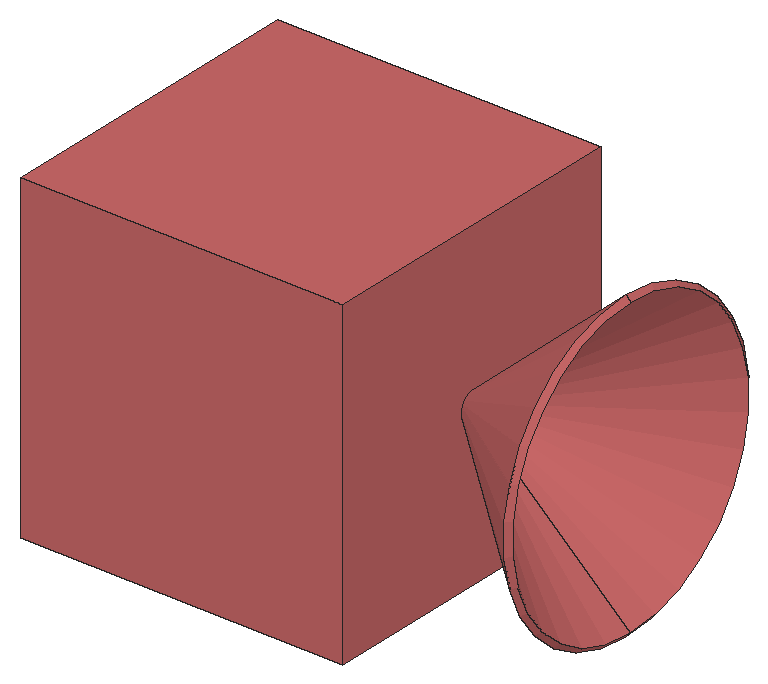
Revit family "PKNail Fire Alarm Horn", category Fire Alarm Devices, host Wall, Revit 2017
Family settings
  Host = Wall
  Maintain Annotation Orientation = Yes
  Round Connector Dimension = Use Diameter
  Part Type = Normal
  OmniClass Number = 23.85.30.21.11
  OmniClass Title = Fire Detection, Monitoring and Alarm
  Always vertical = Yes
  Cut with Voids When Loaded = No
  Shared = No
  Room Calculation Point = No
Parameters (values of type "Fire Alarm Horn")
  PKNail Family Measure Location Centered = yes
  PKNail Family Instance Elevation [instance] = 1905.00 mm
  Label = "F"
  Alarm Material = Painted Metal - Red
  Assembly Code = "D5030700"
Reference planes
  plane 1: y = 0
  plane 2: z = 0
  plane 3: z = 1981.2
  plane 4 "axis": y = 177.8
  plane 5: x = -581
  plane 6: z = 76.2
Forms (mm)
  Extrusion 1, solid, material "Painted Metal - Red" <- "Alarm Material"
    sketch origin (-1520.571, 101.6, 0) x (-1, 0, 0) y (0, 0, 1)
      loop
        line (-1015.771, 2057.4) -> (-1015.771, 1905) -> (-863.371, 1905) -> (-863.371, 2057.4) -> (-1015.771, 2057.4)
    from 0 to 152.4
  Revolve 2, solid, material "Painted Metal - Red" <- "Alarm Material"
    sketch origin (3.429, 177.8, 0) x (-1, 0, 0) y (0, 0, 1)
      loop
        line (433.127, 2051.246) -> (508.229, 1983.268) -> (508.229, 1987.55) -> (435.258, 2053.6) -> (433.127, 2051.246)
      axis (508.229, 1981.2) -> (433.127, 1981.2)
    angle from 0 to 360
Lines and regions (mm)
  model lines
    curve 1: arc (-581, 254, 1930.966) -> (-631.234, 254, 1981.2) -> (-581, 254, 2031.434) r 50.234
    curve 2: arc (-581, 254, 2031.434) -> (-530.766, 254, 1981.2) -> (-581, 254, 1930.966) r 50.234
  model lines, style "InvisibleLines"
    curve 3: line (-581, 101.6, 1905) -> (-581, 101.6, 76.2)
Text (mm)
  text "Placement Side" at (-1593.521, 843.619, 0), in view "Floor Line"
  text "Exterior" at (0, 1019.848, 3124.603), in view "Right"
  text "Interior" at (0, -1635.541, 3124.603), in view "Right"
Dimensions and locks
  locked: plane 4 "axis" to host wall at 76.2
  "PKNail Family Instance Elevation": plane 6 to plane 3
  aligned and locked: plane 6 to curve 3
  aligned and locked: Extrusion 1 to curve 3
Automatic sketch dimensions
  Extrusion 1 sketch curve to plane 3 = 76.20 mm
  Extrusion 1 sketch curve to Extrusion 1 sketch curve = 152.40 mm
  plane 3 to Extrusion 1 sketch curve = 76.20 mm
  Revolve 2 sketch curve to plane 3 = 0.00 mm
  plane 3 to Revolve 2 sketch curve = 70.046 mm
  Revolve 2 sketch curve to Revolve 2 sketch curve = 39.198 mm
  plane 3 to Revolve 2 sketch curve = 72.40 mm
  Revolve 2 sketch curve to Revolve 2 sketch curve = 2.131 mm
  Revolve 2 sketch curve to Revolve 2 sketch curve = 76.20 mm
  plane 3 to Revolve 2 sketch curve = 2.068 mm
  curve 2 to plane 3 = 0.00 mm
  plane 3 to curve 1 = 50.234 mm
  curve 3 to plane 5 = 0.00 mm
Nested families
  nested 1: "PKNail Fire Alarm Horn Annotation" at (-581, 96.441, 0), type "PKNail Fire Alarm Horn Annotation"
Definition of nested family "PKNail Fire Alarm Horn Annotation"
  Reference planes
    plane 1: y = 0
    plane 2: x = 0
  Lines and regions (mm)
    detail lines
      curve 1: line (-1.98, 4.919, 0) -> (1.989, 4.919, 0)
      curve 2: line (-1.98, 0.95, 0) -> (1.989, 0.95, 0)
      curve 3: line (0.005, 0.95, 0) -> (0.005, 0.156, 0)
      curve 4: line (-1.98, 0.95, 0) -> (-1.98, 4.919, 0)
      curve 5: line (1.989, 0.95, 0) -> (1.989, 4.919, 0)
      curve 6: line (4.149, 4.482, 0) -> (4.149, 1.342, 0)
      curve 7: line (1.989, 2.934, 0) -> (4.149, 4.482, 0)
      curve 8: line (1.989, 2.934, 0) -> (4.149, 1.342, 0)
  Text (mm)
    text "F" at (0.005, 4.108, 0)
